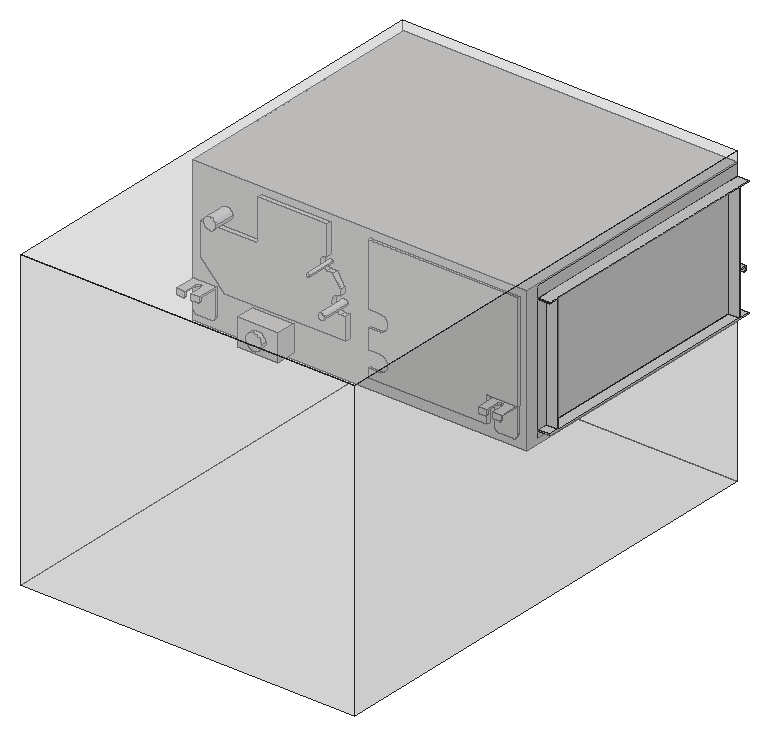
Revit family "outputfile", category 機械設備, Revit 2024
Family settings
  丸型コネクタ寸法 = 半径を使用
  パーツ タイプ = 標準
  OmniClass 番号 = 23.75.10.24.21.27.27
  OmniClass タイトル = Split System Air Conditioning Units
  作業面ベース = いいえ
  常に垂直 = はい
  ロード時にボイドで切り取り = いいえ
  注釈の向きを維持 = いいえ
  共有 = いいえ
  部屋計算ポイント = はい
Parameters (values of type "FXMQ25PAV4")
  Description = ""
  製造元 = "Daikin"
  書き出し IFC クラス(タイプ) = "IfcUnitaryEquipmentType"
  定義済み IFC タイプ(タイプ) = "AIRCONDITIONINGUNIT"
  Cost = 0
  モデル = "FXMQ25PAV4"
  Type Comments = ""
  Keynote = ""
  Type Image = (empty or 0)
  Assembly Code = ""
  r_Liquid Pipe Size = Liquid Pipe Size / 2  # 3.2 mm
  r_Gas Pipe Size = Gas Pipe Size / 2  # 6.35 mm
  r_Drain Pipe Size = Drain Pipe Size / 2  # 12.5 mm
  lw_power = 396.0 mm  # constant formula
  lh_SA = 165.0 mm  # constant formula
  lw_SA = if(Depth = 550.0 mm, 210.0 mm, if(Depth = 700.0 mm, 285.0 mm, if(Depth = 1000.0 mm, 435.0 mm, 635.0 mm)))  # 210.0 mm
  lw_RA = if(Depth = 550.0 mm, 288.0 mm, if(Depth = 700.0 mm, 363.0 mm, if(Depth = 1000.0 mm, 513.0 mm, 713.0 mm)))  # 288.0 mm
  lh_power = 60.0 mm + [h***]  # 60.0 mm
  lh_mountinghole1 = lh_mountinghole + [h***]  # 80.0 mm
  lh_RA = 150.0 mm  # constant formula
  ld_power = Depth / 2  # 275.0 mm
  Voltage_comment_60Hz = "220"
  Voltage_comment_50Hz = "220-240"
  Voltage_60Hz = 220 V
  Voltage_50Hz = 220 V
  URL = ""
  Supply Air Direction [instance] = yes
  Sound Power Level_H speed (dB) = 51
  Phase_60Hz = 1
  Phase_50Hz = 1
  Minimum External Static Pressure = 50.00 Pa
  Minimum Circuit Amps_60Hz = 0.6 A
  Minimum Circuit Amps_50Hz = 0.6 A
  Maximum Fuse Amps_60Hz = 16.0 A
  Maximum Fuse Amps_50Hz = 16.0 A
  Maximum External Static Pressure = 100.00 Pa
  Material_Casing = DAIKIN_GalvanizedSteel_Casing_indoorunit
  lw_mountinghole = 631.0 mm  # constant formula
  lh_gaspipe = 144.0 mm + [h***]  # 144.0 mm
  lh_mountinghole = 80.0 mm  # constant formula
  lh_liquidpipe = 212.0 mm + [h***]  # 212.0 mm
  lh_drainpipe = 232.0 mm + [h***]  # 232.0 mm
  lh_antena = Height - lh_mountinghole + 1.0 mm  # 221.0 mm
  ld_drainpipe = Depth / 2 + 54.0 mm  # 329.0 mm
  ld_liquidpipe = 335.0 mm
  ld_gaspipe = 335.0 mm
  ld_mountinghole = Depth + 38.0 mm  # 588.0 mm
  h*** = 0.0 mm  # constant formula
  lw_liquidpipe = 290.0 mm  # constant formula
  lw_gaspipe = 318.0 mm  # constant formula
  lw_drainpipe = 80.0 mm  # constant formula
  Width = 700.0 mm
  Version = "ver.1.0"
  Unit Type = "Middle-High Static Pressure Duct Type"
  Unit Mass Weight = 25.00 kg
  Unit Designation [instance] = ""
  Uniclass2015Version = "Products v1.30"
  Uniclass2015Title = "Variable refrigerant flow units"
  Uniclass2015Code = "Pr_70_65_03_94"
  Total Heating Capacity [instance] = 0.000 kW
  Total Cooling Capacity [instance] = 0.000 kW
  Sound Pressure Level_M speed (dBA) = 0
  Sound Pressure Level_L speed (dBA) = 28
  Sound Pressure Level_H speed (dBA) = 33
  Series = "VRV Fan Coil Unit"
  Sensible Cooling Capacity [instance] = 0.000 kW
  SA Duct Size Width = if(Depth = 550.0 mm, 310.0 mm, if(Depth = 700.0 mm, 460.0 mm, if(Depth = 1000.0 mm, 760.0 mm, 1160.0 mm)))  # 310.0 mm
  SA Duct Size Height = 215.0 mm
  Refrigerant Type = "R410A"
  RA Duct Size Width = if(Depth = 550.0 mm, 475.0 mm, if(Depth = 700.0 mm, 625.0 mm, if(Depth = 1000.0 mm, 925.0 mm, 1325.0 mm)))  # 475.0 mm
  RA Duct Size Height = 247.0 mm
  Power Input (Heating) = 0.069 kW
  Power Input (Cooling) = 0.081 kW
  Option Accessory 3 [instance] = ""
  Option Accessory 2 [instance] = ""
  Option Accessory 1 [instance] = ""
  Nominal Heating Capacity = 3.200 kW
  Nominal Cooling Capacity = 2.800 kW
  Minimum Airflow = 390.00 m³/h
  Median Airflow = 450.00 m³/h
  Maximum Airflow = 540.00 m³/h
  Load Classification = HVAC
  Liquid Pipe Size = 6.4 mm
  Link_Nested Family [instance] = ""
  IfcVersion = "0"
  IfcExportType = "AIRCONDITIONINGUNIT"
  IfcExportAs = "IfcUnitaryEquipmentType"
  Height = 300.0 mm
  Heating Entering Wet Bulb Temperature [instance] = 0.00 °C
  Heating Entering Dry Bulb Temperature [instance] = 0.00 °C
  Heating Ambient Wet Bulb Temperature [instance] = 0.00 °C
  Heating Ambient Dry Bulb Temperature [instance] = 0.00 °C
  Heat Exchanger Type = "Cross Fin Coil"
  Gas Pipe Size = 12.7 mm
  Frequency_60Hz = 60 Hz
  Frequency_50Hz = 50 Hz
  Fan Type = "Sirocco Fan"
  Fan Drive = "Direct Drive"
  FCU Tag No. [instance] = ""
  Drain Pipe Size = 25.0 mm
  Design Supply Airflow [instance] = 0.00 m³/h
  Design Return Airflow [instance] = 0.00 m³/h
  Design External Static Pressure [instance] = 0.00 Pa
  Depth = 550.0 mm
  既定の高さ = 0.0 mm
  Cooling Entering Wet Bulb Temperature [instance] = 0.00 °C
  Cooling Entering Dry Bulb Temperature [instance] = 0.00 °C
  Cooling Ambient Wet Bulb Temperature [instance] = 0.00 °C
  Cooling Ambient Dry Bulb Temperature [instance] = 0.00 °C
  Clearance visibility [instance] = yes
  Clearance Top = 20.0 mm
  Clearance Right = 0.0 mm
  Clearance Rear = 0.0 mm
  Clearance Left = 0.0 mm
  Clearance Front = 450.0 mm
  Clearance Bottom = 300.0 mm
Reference planes
  plane 1 "Center (Front/Back)": y = 0
  plane 2 "h": z = 0
  plane 3 "Center (Left/Right)": x = 0
  plane 4 "Back": y = 275
  plane 5 "Front": y = -275
  plane 6 "Left": x = -350
  plane 7 "Reight": x = 350
  plane 8 "Top": z = 0
  plane 9 "Bottom": z = -300
  plane 10: y = -215
  plane 11: y = 275
  plane 12: y = -725
  plane 13: x = -350
  plane 14: x = 350
  plane 15: z = 20
  plane 16: z = -600
  plane 17: x = -350
  plane 18: z = -135
  plane 19: x = -349
  plane 20: x = 349
  plane 21: y = 65
  plane 22: y = 13
  plane 23: z = -150
  plane 24: y = -285.8
  plane 25: z = -14
  plane 26: z = -219
  plane 27: x = -324
  plane 28: x = -60
  plane 29: x = -20
  plane 30: z = -156
  plane 31: x = -32
  plane 32: z = -88
  plane 33: x = 23
  plane 34: x = 335
  plane 35: z = -15.8
  plane 36: z = -274.8
  plane 37: z = -219.8
  plane 38: x = 271
  plane 39: x = -223.3
  plane 40: x = -138.3
  plane 41: z = -232.7
  plane 42: z = -288.5
  plane 43: y = -316
  plane 44: x = -181
  plane 45: z = -260
  plane 46: y = -326
  plane 47: z = -163.8
  plane 48: z = -239.8
  plane 49: x = 46
  plane 50: z = -88
  plane 51: x = -60
  plane 52: y = -335
  plane 53: z = -156
  plane 54: x = -32
  plane 55: y = -329
  plane 56: z = -68
  plane 57: x = -270
  plane 58: x = -270
  plane 59: x = -60
  plane 60: x = -32
  plane 61: x = 46
  plane 62: x = -323
  plane 63: x = 308
  plane 64: y = -294
  plane 65: y = 294
  plane 66: z = -220
  plane 67: y = -281
  plane 68: x = -204
  plane 69: z = -100.2
  plane 70: x = -374
  plane 71: x = 374
Forms (mm)
  Extrusion 1, solid, material "DAIKIN_GalvanizedSteel_Casing_indoorunit" <- "Material_Casing"
    sketch origin (0, 0, 0) x (1, 0, 0) y (0, 1, 0)
      loop
        line (-349, 275) -> (-349, -275) -> (349, -275) -> (349, 275) -> (-349, 275)
    from -300 to 0
  Extrusion 2, solid, material "DAIKIN_GalvanizedSteel_Casing_indoorunit" <- "Material_Casing"
    sketch origin (0, 0, 0) x (1, 0, 0) y (0, 0, 1)
      loop
        line (-324, -100.2) -> (-324, -168) -> (-273, -219) -> (-20, -219) -> (-20, -173.5) -> (-32, -173.5)
        arc (-32, -173.5) -> (-49.5, -156) -> (-32, -138.5) r 17.5
        line (-32, -138.5) -> (-32, -127.5) -> (-47, -101) -> (-60, -101)
        arc (-60, -101) -> (-73, -88) -> (-60, -75) r 13
        line (-60, -75) -> (-60, -14) -> (-204, -14) -> (-204, -100.2) -> (-324, -100.2)
    from 275 to 285.8
  Extrusion 3, solid, material "DAIKIN_GalvanizedSteel_Casing_indoorunit" <- "Material_Casing"
    sketch origin (0, 0, 0) x (1, 0, 0) y (0, 0, 1)
      loop
        line (23, -274.8) -> (271, -274.8) -> (271, -219.8) -> (335, -219.8) -> (335, -15.8) -> (23, -15.8) -> (23, -146.3) -> (46, -146.3)
        arc (46, -146.3) -> (63.5, -163.8) -> (46, -181.3) r 17.5
        line (46, -181.3) -> (23, -181.3) -> (23, -222.3) -> (46, -222.3)
        arc (46, -222.3) -> (63.5, -239.8) -> (46, -257.3) r 17.5
        line (46, -257.3) -> (23, -257.3) -> (23, -274.8)
    from 275 to 281
  Extrusion 4, solid, material "DAIKIN_GalvanizedSteel_Casing_indoorunit" <- "Material_Casing"
    sketch origin (0, 0, 0) x (1, 0, 0) y (0, 0, 1)
      loop
        line (-223.3, -232.7) -> (-223.3, -288.5) -> (-138.3, -288.5) -> (-138.3, -232.7) -> (-223.3, -232.7)
    from 275 to 316
  Extrusion 5, solid, material "DAIKIN_GalvanizedSteel_Casing_indoorunit" <- "Material_Casing"
    sketch origin (0, 0, 0) x (1, 0, 0) y (0, 0, 1)
      loop
        circle (-181, -260) r 16.5
    from 316 to 326
  Extrusion 6, solid
    sketch origin (0, 0, 0) x (1, 0, 0) y (0, 0, 1)
      loop
        circle (-60, -88) r 3.2
    from 275 to 335
  Extrusion 7, solid
    sketch origin (0, 0, 0) x (1, 0, 0) y (0, 0, 1)
      loop
        circle (-32, -156) r 6.35
    from 275 to 335
  Extrusion 8, solid
    sketch origin (0, 0, 0) x (1, 0, 0) y (0, 0, 1)
      loop
        circle (-270, -68) r 12.5
    from 285.8 to 329
Dimensions and locks
  "Height": plane 8 "Top" to plane 9 "Bottom"
  equal spacing: plane 4 "Back", plane 1 "Center (Front/Back)", plane 5 "Front"
  "Depth": plane 4 "Back" to plane 5 "Front"
  equal spacing: plane 6 "Left", plane 3 "Center (Left/Right)", plane 7 "Reight"
  "Width": plane 6 "Left" to plane 7 "Reight"
  "Clearance Left": plane 13 to plane 6 "Left"
  "Clearance Right": plane 7 "Reight" to plane 14
  "Clearance Rear": plane 11 to plane 4 "Back"
  "Clearance Front": plane 5 "Front" to plane 12
  "Clearance Top": plane 15 to plane 8 "Top"
  "Clearance Bottom": plane 9 "Bottom" to plane 16
  "lh_SA": plane 18 to plane 9 "Bottom"
  locked: plane 17 to plane 19 at 1
  locked: plane 20 to plane 14 at 1
  "lw_SA": plane 11 to plane 21
  "lw_RA": plane 22 to plane 5 "Front"
  "lh_RA": plane 23 to plane 9 "Bottom"
  locked: plane 5 "Front" to plane 24 at 10.8
  plane 29 to plane 28 to plane 27 to plane 6 "Left" = 40.0 mm, 264.0 mm, 26.0 mm
  locked: plane 31 to plane 6 "Left" at 318
  plane 34 to plane 33 to plane 6 "Left" = 312.0 mm locked, 373.0 mm locked
  locked: plane 34 to plane 38 at 64
  locked: plane 37 to plane 36 at 55
  plane 40 to plane 39 to plane 6 "Left" = 85.0 mm locked, 126.7 mm locked
  locked: plane 5 "Front" to plane 43 at 41
  locked: plane 44 to plane 6 "Left" at 169
  locked: plane 43 to plane 46 at 10
  plane 47 to plane 48 to plane 36 = 76.0 mm locked, 35.0 mm locked
  locked: plane 49 to plane 33 at 23
  "lw_liquidpipe": plane 51 to plane 6 "Left"
  "lh_liquidpipe": plane 50 to plane 9 "Bottom"
  "lh_gaspipe": plane 53 to plane 9 "Bottom"
  "lw_gaspipe": plane 54 to plane 6 "Left"
  "ld_gaspipe": plane 52 to plane 1 "Center (Front/Back)"
  "ld_drainpipe": plane 55 to plane 1 "Center (Front/Back)"
  "lh_drainpipe": plane 56 to plane 9 "Bottom"
  "lw_drainpipe": plane 57 to plane 6 "Left"
  "lw_drainpipe": plane 6 "Left" to plane 58
  "lw_liquidpipe": plane 6 "Left" to plane 59
  "lw_gaspipe": plane 6 "Left" to plane 60
  "lw_power": plane 6 "Left" to plane 61
  plane 17 to plane 62 = 27.0 mm
  "lw_mountinghole": plane 62 to plane 63
  equal spacing: plane 64, plane 1 "Center (Front/Back)", plane 65
  "ld_mountinghole": plane 65 to plane 64
  "lh_mountinghole": plane 66 to plane 9 "Bottom"
  plane 8 "Top" to plane 41 to plane 42 = 232.7 mm locked, 55.8 mm locked
  locked: plane 8 "Top" to plane 45 at 260
  plane 8 "Top" to plane 25 to plane 26 = 14.0 mm locked, 205.0 mm locked
  plane 8 "Top" to plane 32 to plane 30 = 88.0 mm locked, 68.0 mm locked
  plane 8 "Top" to plane 35 to plane 36 = 15.8 mm locked, 259.0 mm locked
  locked: plane 5 "Front" to plane 67 at 6
  locked: plane 25 to plane 69 at 86.2
  locked: plane 27 to plane 68 at 120
  locked: plane 70 to plane 6 "Left" at 24
  locked: plane 14 to plane 71 at 24
  "r_Liquid Pipe Size": radius of Extrusion 6 sketch curve
  "r_Gas Pipe Size": radius of Extrusion 7 sketch curve
  "r_Drain Pipe Size": radius of Extrusion 8 sketch curve
  aligned and locked: level to plane 2 "h"
  aligned and locked: plane 8 "Top" to Extrusion 1
  aligned and locked: Extrusion 1 to plane 9 "Bottom"
  aligned and locked: nested 5 to plane 12
  aligned and locked: plane 13 to nested 5
  aligned and locked: plane 14 to nested 5
  aligned and locked: nested 5 to plane 13
  aligned and locked: plane 11 to nested 5
  aligned and locked: plane 15 to nested 5
  aligned and locked: plane 16 to nested 5
  aligned and locked: plane 5 "Front" to Extrusion 1 sketch curve
  aligned and locked: Extrusion 1 to plane 19
  aligned and locked: plane 20 to Extrusion 1
  aligned and locked: nested 7 to plane 19
  aligned and locked: nested 7 to plane 21
  aligned and locked: plane 18 to nested 7
  aligned and locked: plane 20 to nested 8
  aligned and locked: plane 22 to nested 8
  aligned and locked: plane 23 to nested 8
  aligned and locked: Extrusion 2 to plane 24
  aligned and locked: plane 5 "Front" to Extrusion 2
  aligned and locked: plane 36 to Extrusion 3 sketch curve
  aligned and locked: plane 38 to Extrusion 3 sketch curve
  aligned and locked: plane 37 to Extrusion 3 sketch curve
  aligned and locked: Extrusion 3 sketch curve to plane 34
  aligned and locked: Extrusion 3 sketch curve to plane 35
  aligned and locked: Extrusion 3 sketch curve to plane 33
  aligned and locked: plane 5 "Front" to Extrusion 3
  aligned and locked: Extrusion 4 sketch curve to plane 41
  aligned and locked: Extrusion 4 sketch curve to plane 39
  aligned and locked: plane 42 to Extrusion 4 sketch curve
  aligned and locked: plane 40 to Extrusion 4 sketch curve
  aligned and locked: Extrusion 4 to plane 43
  aligned and locked: plane 5 "Front" to Extrusion 4
  aligned and locked: Extrusion 5 sketch curve to plane 44
  aligned and locked: plane 45 to Extrusion 5 sketch curve
  aligned and locked: Extrusion 5 to plane 46
  aligned and locked: plane 43 to Extrusion 5
  aligned and locked: Extrusion 6 sketch curve to plane 51
  aligned and locked: plane 50 to Extrusion 6 sketch curve
  aligned and locked: Extrusion 6 to plane 52
  aligned and locked: plane 5 "Front" to Extrusion 6
  aligned and locked: Extrusion 7 sketch curve to plane 54
  aligned and locked: plane 53 to Extrusion 7 sketch curve
  aligned and locked: Extrusion 7 to Extrusion 6
  aligned and locked: plane 5 "Front" to Extrusion 7
  aligned and locked: Extrusion 8 sketch curve to plane 57
  aligned and locked: plane 56 to Extrusion 8 sketch curve
  aligned and locked: Extrusion 8 to plane 55
  aligned and locked: plane 24 to Extrusion 8
  aligned and locked: nested 3 to plane 55
  aligned and locked: plane 58 to nested 3
  aligned and locked: nested 2 to plane 59
  aligned and locked: nested 2 to plane 52
  aligned and locked: nested 1 to plane 60
  aligned and locked: Extrusion 7 to plane 52
  aligned and locked: nested 1 to plane 52
  aligned and locked: nested 6 to plane 5 "Front"
  aligned and locked: plane 61 to nested 6
  aligned and locked: plane 62 to nested 10
  aligned and locked: nested 10 to plane 5 "Front"
  aligned and locked: plane 63 to nested 9
  aligned and locked: nested 9 to plane 5 "Front"
  aligned and locked: nested 11 to plane 62
  aligned and locked: plane 4 "Back" to nested 11
  aligned and locked: nested 12 to plane 63
  aligned and locked: plane 4 "Back" to nested 12
  aligned and locked: plane 66 to nested 10
  aligned and locked: plane 66 to nested 11
  aligned and locked: plane 66 to nested 9
  aligned and locked: plane 66 to nested 12
  aligned and locked: plane 62 to nested 14
  aligned and locked: nested 14 to plane 65
  aligned and locked: plane 63 to nested 13
  aligned and locked: nested 13 to plane 65
  aligned and locked: plane 63 to nested 16
  aligned and locked: plane 64 to nested 16
  aligned and locked: plane 64 to nested 15
  aligned and locked: plane 62 to nested 15
  aligned and locked: Extrusion 3 to plane 67
  aligned and locked: Extrusion 2 sketch curve to plane 68
  aligned and locked: plane 69 to Extrusion 2 sketch curve
  aligned and locked: nested 17 to plane 21
  aligned and locked: nested 17 to plane 70
  aligned and locked: plane 18 to nested 17
  aligned and locked: plane 22 to nested 18
  aligned and locked: plane 71 to nested 18
  aligned and locked: nested 18 to plane 23
  aligned and locked: nested 4 to plane 3 "Center (Left/Right)"
  aligned and locked: plane 1 "Center (Front/Back)" to nested 4
  aligned and locked: level to plane 8 "Top"
Automatic sketch dimensions
  plane 6 "Left" to Extrusion 1 sketch curve = 1.0 mm
  Extrusion 1 sketch curve to plane 7 "Reight" = 1.0 mm
  Extrusion 1 sketch curve to plane 4 "Back" = 0.0 mm
  Extrusion 3 sketch curve to plane 33 = 0.0 mm  (x2)
  Extrusion 3 sketch curve to plane 47 = 0.0 mm
  Extrusion 3 sketch curve to plane 49 = 0.0 mm  (x4)
  Extrusion 3 sketch curve to plane 48 = 0.0 mm
  Extrusion 3 sketch curve to plane 37 = 2.5 mm
  plane 23 to Extrusion 3 sketch curve = 3.7 mm
  plane 27 to Extrusion 2 sketch curve = 0.0 mm
  Extrusion 2 sketch curve to plane 26 = 0.0 mm
  Extrusion 2 sketch curve to plane 28 = 0.0 mm
  Extrusion 2 sketch curve to plane 31 = 0.0 mm
  Extrusion 2 sketch curve to plane 29 = 0.0 mm
  Extrusion 2 sketch curve to plane 30 = 0.0 mm
  Extrusion 2 sketch curve to plane 32 = 0.0 mm
  Extrusion 2 sketch curve to plane 25 = 0.0 mm
  Extrusion 2 sketch curve to Extrusion 2 sketch curve = 13.0 mm
  Extrusion 2 sketch curve to Extrusion 2 sketch curve = 17.5 mm
  plane 18 to Extrusion 2 sketch curve = 7.5 mm
  Extrusion 2 sketch curve to plane 58 = 3.0 mm
  Extrusion 2 sketch curve to plane 30 = 12.0 mm
  Extrusion 2 sketch curve to Extrusion 2 sketch curve = 0.8 mm
  radius of Extrusion 5 sketch curve = 16.5 mm
Nested families
  nested 1: "daikin_connector_rotate2" at (-32, 0, -156), length <- "ld_gaspipe", built-in parameter 1001364 <- "lh_gaspipe", radius <- "r_Gas Pipe Size", type "daikin_connector_rotate2"
    with radius 6.35 mm, length 335.0 mm, angle_vertical 90.00°
  nested 2: "daikin_connector_rotate2" at (-60, 0, -88), length <- "ld_liquidpipe", built-in parameter 1001364 <- "lh_liquidpipe", radius <- "r_Liquid Pipe Size", type "daikin_connector_rotate2"
    with radius 3.2 mm, length 335.0 mm, angle_vertical 90.00°
  nested 3: "daikin_connector_rotate2" at (-270, 0, -68), length <- "ld_drainpipe", built-in parameter 1001364 <- "lh_drainpipe", radius <- "r_Drain Pipe Size", type "daikin_connector_rotate2"
    with radius 12.5 mm, length 329.0 mm, angle_vertical 90.00°
  nested 4: "daikin_△_symbolicline" at (0, 0, 300) x (0, -1, 0) z (0, 0, 1), built-in parameter 1001364 <- "Height", visible <- "Supply Air Direction", type "daikin_△_symbolicline"
    with length 200.0 mm
  nested 5: "daikin_clearancespace" at (0, -225, -289.881), visible <- "Clearance visibility", show <- "Clearance visibility", Link_Nested Family <- "Link_Nested Family", type "daikin_clearancespace"
    with width 700.0 mm, show yes, height 620.0 mm, depth 1000.0 mm, Link_Nested Family ""
  nested 6: "daikin_connector_rotate2" at (46, 0, -240), built-in parameter 1001364 <- "lh_power", length <- "ld_power", type "daikin_connector_rotate2"
    with radius 10.0 mm, length 275.0 mm, angle_vertical 90.00°
  nested 7: "daikin_ductflange_FXMQ-PAV4_2" at (-349, 65, -135) x (0, -1, 0) z (0, 0, 1), type "daikin_ductflange_FXMQ-PAV4_2"
  nested 8: "daikin_ductflange_FXMQ-PAV4_1" at (349, 13, -150) x (0, 1, 0) z (0, 0, 1), type "daikin_ductflange_FXMQ-PAV4_1"
  nested 9: "daikin_hangerfixture_FXMQ-PAV4" at (308, -275, -220), type "daikin_hangerfixture_FXMQ-PAV4"
  nested 10: "daikin_hangerfixture_FXMQ-PAV4" at (-323, -275, -220), type "daikin_hangerfixture_FXMQ-PAV4"
  nested 11: "daikin_hangerfixture_FXMQ-PAV4" at (-323, 275, -220) x (-1, 0, 0) z (0, 0, 1), type "daikin_hangerfixture_FXMQ-PAV4"
  nested 12: "daikin_hangerfixture_FXMQ-PAV4" at (308, 275, -220) x (-1, 0, 0) z (0, 0, 1), type "daikin_hangerfixture_FXMQ-PAV4"
  nested 13: "daikin_mountinghole" at (308, 294, -300), h_mountinghole <- "lh_mountinghole1", l_antenna <- "lh_antena", Link_Nested Family <- "Link_Nested Family", type "daikin_mountinghole"
    with show yes, l_antenna 221.0 mm, h_mountinghole 80.0 mm, Link_Nested Family ""
  nested 14: "daikin_mountinghole" at (-323, 294, -300), h_mountinghole <- "lh_mountinghole1", l_antenna <- "lh_antena", Link_Nested Family <- "Link_Nested Family", type "daikin_mountinghole"
    with show yes, l_antenna 221.0 mm, h_mountinghole 80.0 mm, Link_Nested Family ""
  nested 15: "daikin_mountinghole" at (-323, -294, -300), h_mountinghole <- "lh_mountinghole1", l_antenna <- "lh_antena", Link_Nested Family <- "Link_Nested Family", type "daikin_mountinghole"
    with show yes, l_antenna 221.0 mm, h_mountinghole 80.0 mm, Link_Nested Family ""
  nested 16: "daikin_mountinghole" at (308, -294, -300), h_mountinghole <- "lh_mountinghole1", l_antenna <- "lh_antena", Link_Nested Family <- "Link_Nested Family", type "daikin_mountinghole"
    with show yes, l_antenna 221.0 mm, h_mountinghole 80.0 mm, Link_Nested Family ""
  nested 17: "daikin_connector_rotate2" at (-350, 65, -135) x (0, -1, 0) z (0, 0, 1), type "daikin_connector_rotate2"
    with radius 10.0 mm, length 24.0 mm, angle_vertical 90.00°
  nested 18: "daikin_connector_rotate2" at (350, 13, -150) x (0, 1, 0) z (0, 0, 1), type "daikin_connector_rotate2"
    with radius 10.0 mm, length 24.0 mm, angle_vertical 90.00°
Connectors
  piping at (-270, -329, -68), diameter 25, driven by "r_Drain Pipe Size"
    settings: on nested 3, index 3, connector inside diameter 609.6 mm, connector length 0.0 mm, flow factor 0, pipe flow 0.00 m³/h, pressure drop 0.0 Pa, fitting loss kfactor 0, connector angle 0.00°, fixture units 0, engagement length 0.0 mm, angle of deflection 0.00°, flow configuration 1, flow direction 2, fitting loss method 4, system type 16, joint type 0, gender type 0, connector reference index -1, connector utility 0, adjustable connector no, is connector primary yes, connector description "Condensate Drain Piping"
  piping at (-32, -335, -156), diameter 12.7, driven by "r_Gas Pipe Size"
    settings: on nested 1, index 4, connector inside diameter 609.6 mm, connector length 0.0 mm, flow factor 0, pipe flow 0.00 m³/h, pressure drop 0.0 Pa, fitting loss kfactor 0, connector angle 0.00°, fixture units 0, engagement length 0.0 mm, angle of deflection 0.00°, flow configuration 1, flow direction 2, fitting loss method 0, system type 29, joint type 0, gender type 0, connector reference index -1, connector utility 0, adjustable connector no, is connector primary no, connector description "Refrigerant Gas Piping"
  piping at (-60, -335, -88), diameter 6.4, driven by "r_Liquid Pipe Size"
    settings: on nested 2, index 5, connector inside diameter 609.6 mm, connector length 0.0 mm, flow factor 0, pipe flow 0.00 m³/h, pressure drop 0.0 Pa, fitting loss kfactor 0, connector angle 0.00°, fixture units 0, engagement length 0.0 mm, angle of deflection 0.00°, flow configuration 1, flow direction 1, fitting loss method 0, system type 29, joint type 0, gender type 0, connector reference index -1, connector utility 0, adjustable connector no, is connector primary no, connector description "Refrigerant Liquid Piping"
  electrical at (46, -275, -240), driven by "Load Classification"
    settings: on nested 6, index 6, voltage 0 V, apparent load 0 VA, apparent load phase1 0 VA, apparent load phase2 0 VA, apparent load phase3 0 VA, power factor 1, load classification "HVAC", number of poles 1, system type 30, power factor state 1, is connector primary yes, connector utility no, sub classification motor no, connector description "Power Supply"
  hvac at (-374, 65, -135), driven by "SA Duct Size Height", driven by "SA Duct Size Width"
    settings: on nested 17, index 7, duct flow 0.00 m³/h, flow factor 0, pres drop 0.00 Pa, loss coef 0, conn angle 0.00°, conn width 310.0 mm, conn height 215.0 mm, conn diameter 609.6 mm, duct sys type 1, conn prof type 1, flow config 0, flow direction 2, loss method 4, conn ref index -1, conn util no, is conn primary yes, conn desc "SA Duct"
  hvac at (374, 13, -150), driven by "RA Duct Size Height", driven by "RA Duct Size Width"
    settings: on nested 18, index 8, duct flow 0.00 m³/h, flow factor 0, pres drop 0.00 Pa, loss coef 0, conn angle 0.00°, conn width 475.0 mm, conn height 247.0 mm, conn diameter 609.6 mm, duct sys type 2, conn prof type 1, flow config 0, flow direction 1, loss method 4, conn ref index -1, conn util no, is conn primary no, conn desc "RA Duct"
Definition of nested family "daikin_clearancespace"
  Parameters (values of type "daikin_clearancespace")
    width [instance] = 1823.963 mm
    show [instance] = yes
    material = none
    height [instance] = 1359.762 mm
    depth [instance] = 880.0 mm
    Default Elevation = 0.0 mm
    Link_Nested Family [instance] = ""
  Reference planes
    plane 1 "Center (Front/Back)": y = 0
    plane 2 "Center (Elevation)": z = -0.119
    plane 3 "Center (Left/Right)": x = 0
    plane 4: y = 440
    plane 5: y = -440
    plane 6 "Right": x = 911.982
    plane 7 "Left": x = -911.982
    plane 8 "Top": z = 679.762
    plane 9 "Bottom": z = -680
  Forms (mm)
    Extrusion 1, solid, material <- "material", visible <- "show"
      sketch origin (0, 0, 0) x (1, 0, 0) y (0, 1, 0)
        loop
          line (-911.982, 440) -> (-911.982, -440) -> (911.982, -440) -> (911.982, 440) -> (-911.982, 440)
      from -680 to 679.762
  Lines and regions (mm)
    symbolic lines, visible <- "show"
      curve 1: line (911.982, 440, 0) -> (-911.982, 440, 0)
      curve 2: line (-911.982, 440, 0) -> (-911.982, -440, 0)
      curve 3: line (-911.982, -440, 0) -> (911.982, -440, 0)
      curve 4: line (911.982, -440, 0) -> (911.982, 440, 0)
      curve 5: line (911.982, 0, 679.762) -> (-911.982, 0, 679.762)
      curve 6: line (911.982, 0, -680) -> (911.982, 0, 679.762)
      curve 7: line (-911.982, 0, -680) -> (911.982, 0, -680)
      curve 8: line (-911.982, 0, 679.762) -> (-911.982, 0, -680)
      curve 9: line (0, 440, 679.762) -> (0, -440, 679.762)
      curve 10: line (0, -440, 679.762) -> (0, -440, -680)
      curve 11: line (0, 440, -680) -> (0, 440, 679.762)
      curve 12: line (0, -440, -680) -> (0, 440, -680)
  Dimensions and locks
    "width": plane 7 "Left" to plane 6 "Right"
    "depth": plane 4 to plane 5
    "height": plane 8 "Top" to plane 9 "Bottom"
    equal spacing: plane 7 "Left", plane 3 "Center (Left/Right)", plane 6 "Right"
    equal spacing: plane 4, plane 1 "Center (Front/Back)", plane 5
    equal spacing: plane 8 "Top", plane 2 "Center (Elevation)", plane 9 "Bottom"
    aligned and locked: level to plane 2 "Center (Elevation)"
    aligned and locked: Extrusion 1 sketch curve to plane 4
    aligned and locked: plane 7 "Left" to Extrusion 1 sketch curve
    aligned and locked: Extrusion 1 sketch curve to plane 5
    aligned and locked: Extrusion 1 sketch curve to plane 6 "Right"
    aligned and locked: plane 8 "Top" to Extrusion 1
    aligned and locked: curve 1 to Extrusion 1
    aligned and locked: curve 2 to Extrusion 1
    aligned and locked: curve 3 to Extrusion 1
    aligned and locked: curve 4 to Extrusion 1
    aligned and locked: curve 5 to Extrusion 1
    aligned and locked: curve 6 to Extrusion 1
    aligned and locked: curve 7 to Extrusion 1
    aligned and locked: curve 8 to Extrusion 1
    aligned and locked: curve 9 to Extrusion 1
    aligned and locked: curve 10 to Extrusion 1
    aligned and locked: curve 11 to Extrusion 1
    aligned and locked: curve 12 to Extrusion 1
    aligned and locked: Extrusion 1 to plane 9 "Bottom"
Definition of nested family "daikin_ductflange_FXMQ-PAV4_2"
  Parameters (values of type "daikin_ductflange_FXDSQ-AVM2")
    width = if(w = 550.0 mm, 310.0 mm, if(w = 700.0 mm, 460.0 mm, if(w = 1000.0 mm, 760.0 mm, 1160.0 mm)))  # 310.0 mm
    material = none
    height = 215.0 mm
    depth = 1.0 mm
    w = 550.0 mm
    Default Elevation = 0.0 mm
  Reference planes
    plane 1 "Center (Front/Back)": y = 0
    plane 2: z = 0
    plane 3 "Center (Left/Right)": x = 0
    plane 4: z = 107.5
    plane 5: z = -107.5
    plane 6: y = -25
    plane 7: z = 132.5
    plane 8: z = 108.5
    plane 9: y = -1
    plane 10: x = -177.5
    plane 11: x = 177.5
    plane 12: z = -132.5
    plane 13: z = -108.5
    plane 14: y = -1
    plane 15: x = 155
    plane 16: x = -155
    plane 17: x = 156
    plane 18: z = 106.5
    plane 19: z = -106.5
    plane 20: x = -156
    plane 21: z = 106.5
    plane 22: z = -106.5
    plane 23: y = -1
  Forms (mm)
    Extrusion 1, solid, material <- "material"
      sketch origin (0, 0, 0) x (0, 1, 0) y (0, 0, 1)
        loop
          line (-25, 107.5) -> (0, 107.5) -> (0, 132.5) -> (-1, 132.5) -> (-1, 108.5) -> (-25, 108.5) -> (-25, 107.5)
      from -177.5 to 177.5
    Extrusion 2, solid, material <- "material"
      sketch origin (0, 0, 0) x (0, 1, 0) y (0, 0, 1)
        loop
          line (-25, -107.5) -> (-25, -108.5) -> (-1, -108.5) -> (-1, -132.5) -> (0, -132.5) -> (0, -107.5) -> (-25, -107.5)
      from -177.5 to 177.5
    Extrusion 3, solid, material <- "material"
      sketch origin (0, 0, 0) x (1, 0, 0) y (0, 0, 1)
        loop
          line (155, 107.5) -> (155, -107.5) -> (177.5, -107.5) -> (177.5, -106.5) -> (156, -106.5) -> (156, 106.5) -> (177.5, 106.5) -> (177.5, 107.5) -> (155, 107.5)
      from 0 to 25
    Extrusion 4, solid, material <- "material"
      sketch origin (0, 0, 0) x (1, 0, 0) y (0, 0, 1)
        loop
          line (-177.5, 107.5) -> (-177.5, 106.5) -> (-156, 106.5) -> (-156, -106.5) -> (-177.5, -106.5) -> (-177.5, -107.5) -> (-155, -107.5) -> (-155, 107.5) -> (-177.5, 107.5)
      from 0 to 25
    Extrusion 5, solid, material <- "material"
      sketch origin (0, 0, 0) x (1, 0, 0) y (0, 0, 1)
        loop
          line (-177.5, 107.5) -> (-177.5, -107.5) -> (-155, -107.5) -> (-155, 107.5) -> (-177.5, 107.5)
        loop
          line (177.5, 107.5) -> (155, 107.5) -> (155, -107.5) -> (177.5, -107.5) -> (177.5, 107.5)
      from 0 to 1
  Cuts and joins
    joined: Extrusion 1, Extrusion 2, Extrusion 3, Extrusion 4, Extrusion 5
  Dimensions and locks
    plane 4 to level to plane 5 = 107.5 mm locked, 107.5 mm locked
    locked: plane 6 to plane 1 "Center (Front/Back)" at 25
    locked: plane 9 to plane 1 "Center (Front/Back)" at 1
    locked: plane 8 to plane 4 at 1
    locked: plane 11 to plane 15 at 22.5
    locked: plane 16 to plane 10 at 22.5
    locked: plane 17 to plane 15 at 1
    locked: plane 4 to plane 18 at 1
    locked: plane 19 to plane 5 at 1
    "width": plane 15 to plane 16
    plane 4 to plane 5 = 215.0 mm
    equal spacing: plane 15, plane 3 "Center (Left/Right)", plane 16
    locked: plane 16 to plane 20 at 1
    locked: plane 4 to plane 21 at 1
    locked: plane 22 to plane 5 at 1
    locked: plane 23 to plane 1 "Center (Front/Back)" at 1
    aligned and locked: level to plane 2
    aligned and locked: Extrusion 1 to plane 10
    aligned and locked: plane 11 to Extrusion 1
    aligned and locked: plane 5 to Extrusion 2
    aligned and locked: Extrusion 2 to plane 1 "Center (Front/Back)"
    aligned and locked: plane 15 to Extrusion 3 sketch curve
    aligned and locked: Extrusion 3 sketch curve to Extrusion 2  (x2)
    aligned and locked: Extrusion 3 sketch curve to plane 11
    aligned and locked: plane 6 to Extrusion 3
    aligned and locked: Extrusion 2 to plane 10
    aligned and locked: plane 11 to Extrusion 2
    aligned and locked: Extrusion 4 sketch curve to Extrusion 1  (x2)
    aligned and locked: plane 5 to Extrusion 4 sketch curve
    aligned and locked: Extrusion 4 sketch curve to plane 16
    aligned and locked: Extrusion 4 sketch curve to plane 22
    aligned and locked: plane 20 to Extrusion 4 sketch curve
    aligned and locked: plane 21 to Extrusion 4 sketch curve
    aligned and locked: Extrusion 4 to plane 1 "Center (Front/Back)"
    aligned and locked: plane 6 to Extrusion 4
    aligned and locked: Extrusion 5 sketch curve to Extrusion 1  (x4)
    aligned and locked: Extrusion 5 sketch curve to Extrusion 4  (x2)
    aligned and locked: Extrusion 5 sketch curve to Extrusion 3  (x2)
    aligned and locked: Extrusion 5 to plane 1 "Center (Front/Back)"
    aligned and locked: plane 23 to Extrusion 5
  Automatic sketch dimensions
    Extrusion 1 sketch curve to plane 6 = 0.0 mm
    Extrusion 1 sketch curve to plane 7 = 0.0 mm
    Extrusion 1 sketch curve to plane 9 = 0.0 mm
    Extrusion 1 sketch curve to plane 1 "Center (Front/Back)" = 0.0 mm
    Extrusion 1 sketch curve to plane 4 = 0.0 mm
    Extrusion 1 sketch curve to plane 8 = 0.0 mm
    Extrusion 2 sketch curve to plane 6 = 0.0 mm
    plane 12 to Extrusion 2 sketch curve = 0.0 mm
    Extrusion 2 sketch curve to plane 14 = 0.0 mm
    Extrusion 2 sketch curve to plane 1 "Center (Front/Back)" = 0.0 mm
    plane 13 to Extrusion 2 sketch curve = 0.0 mm
    Extrusion 2 sketch curve to plane 5 = 0.0 mm
    Extrusion 3 sketch curve to plane 17 = 0.0 mm
    Extrusion 3 sketch curve to plane 19 = 0.0 mm
    Extrusion 3 sketch curve to plane 18 = 0.0 mm
    Extrusion 3 sketch curve to plane 4 = 0.0 mm
    Extrusion 4 sketch curve to plane 10 = 0.0 mm
Definition of nested family "daikin_ductflange_FXMQ-PAV4_1"
  Parameters (values of type "daikin_ductflange_FXDSQ-AVM")
    width = if(w = 550.0 mm, 475.0 mm, if(w = 700.0 mm, 625.0 mm, if(w = 1000.0 mm, 925.0 mm, 1325.0 mm)))  # 475.0 mm
    material = none
    height = 247.0 mm
    depth = 1.0 mm
    w = 550.0 mm
    Default Elevation = 0.0 mm
  Reference planes
    plane 1 "Center (Front/Back)": y = 0
    plane 2: z = 0
    plane 3 "Center (Left/Right)": x = 0
    plane 4: z = 123.5
    plane 5: z = -123.5
    plane 6: y = -25
    plane 7: z = 146.5
    plane 8: z = 124.5
    plane 9: y = -1
    plane 10: x = -260
    plane 11: x = 260
    plane 12: z = -137
    plane 13: z = -124.5
    plane 14: y = -1
    plane 15: x = 237.5
    plane 16: x = -237.5
    plane 17: x = 238.5
    plane 18: z = 122.5
    plane 19: z = -122.5
    plane 20: x = -238.5
    plane 21: z = 122.5
    plane 22: z = -122.5
    plane 23: y = -1
  Forms (mm)
    Extrusion 1, solid, material <- "material"
      sketch origin (0, 0, 0) x (0, 1, 0) y (0, 0, 1)
        loop
          line (-25, 123.5) -> (0, 123.5) -> (0, 146.5) -> (-1, 146.5) -> (-1, 124.5) -> (-25, 124.5) -> (-25, 123.5)
      from -260 to 260
    Extrusion 2, solid, material <- "material"
      sketch origin (0, 0, 0) x (0, 1, 0) y (0, 0, 1)
        loop
          line (-25, -123.5) -> (-25, -124.5) -> (-1, -124.5) -> (-1, -137) -> (0, -137) -> (0, -123.5) -> (-25, -123.5)
      from -260 to 260
    Extrusion 3, solid, material <- "material"
      sketch origin (0, 0, 0) x (1, 0, 0) y (0, 0, 1)
        loop
          line (237.5, 123.5) -> (237.5, -123.5) -> (260, -123.5) -> (260, -122.5) -> (238.5, -122.5) -> (238.5, 122.5) -> (260, 122.5) -> (260, 123.5) -> (237.5, 123.5)
      from 0 to 25
    Extrusion 4, solid, material <- "material"
      sketch origin (0, 0, 0) x (1, 0, 0) y (0, 0, 1)
        loop
          line (-260, 123.5) -> (-260, 122.5) -> (-238.5, 122.5) -> (-238.5, -122.5) -> (-260, -122.5) -> (-260, -123.5) -> (-237.5, -123.5) -> (-237.5, 123.5) -> (-260, 123.5)
      from 0 to 25
    Extrusion 5, solid, material <- "material"
      sketch origin (0, 0, 0) x (1, 0, 0) y (0, 0, 1)
        loop
          line (-260, 123.5) -> (-260, -123.5) -> (-237.5, -123.5) -> (-237.5, 123.5) -> (-260, 123.5)
        loop
          line (260, 123.5) -> (237.5, 123.5) -> (237.5, -123.5) -> (260, -123.5) -> (260, 123.5)
      from 0 to 1
  Cuts and joins
    joined: Extrusion 1, Extrusion 2, Extrusion 3, Extrusion 4, Extrusion 5
  Dimensions and locks
    plane 4 to level to plane 5 = 123.5 mm, 123.5 mm
    locked: plane 6 to plane 1 "Center (Front/Back)" at 25
    locked: plane 9 to plane 1 "Center (Front/Back)" at 1
    locked: plane 8 to plane 4 at 1
    locked: plane 11 to plane 15 at 22.5
    locked: plane 16 to plane 10 at 22.5
    locked: plane 17 to plane 15 at 1
    locked: plane 4 to plane 18 at 1
    locked: plane 19 to plane 5 at 1
    "width": plane 15 to plane 16
    equal spacing: plane 15, plane 3 "Center (Left/Right)", plane 16
    locked: plane 16 to plane 20 at 1
    locked: plane 4 to plane 21 at 1
    locked: plane 22 to plane 5 at 1
    locked: plane 23 to plane 1 "Center (Front/Back)" at 1
    equal spacing: plane 4, level, plane 5
    locked: plane 7 to plane 4 at 23
    locked: plane 5 to plane 12 at 13.5
    locked: plane 1 "Center (Front/Back)" to plane 14 at 1
    locked: plane 5 to plane 13 at 1
    locked: plane 4 to plane 5 at 247
    aligned and locked: level to plane 2
    aligned and locked: Extrusion 1 to plane 10
    aligned and locked: plane 11 to Extrusion 1
    aligned and locked: plane 5 to Extrusion 2
    aligned and locked: Extrusion 2 to plane 1 "Center (Front/Back)"
    aligned and locked: plane 15 to Extrusion 3 sketch curve
    aligned and locked: Extrusion 3 sketch curve to Extrusion 2  (x2)
    aligned and locked: Extrusion 3 sketch curve to plane 11
    aligned and locked: plane 6 to Extrusion 3
    aligned and locked: Extrusion 2 to plane 10
    aligned and locked: plane 11 to Extrusion 2
    aligned and locked: Extrusion 4 sketch curve to Extrusion 1  (x2)
    aligned and locked: plane 5 to Extrusion 4 sketch curve
    aligned and locked: Extrusion 4 sketch curve to plane 16
    aligned and locked: Extrusion 4 sketch curve to plane 22
    aligned and locked: plane 20 to Extrusion 4 sketch curve
    aligned and locked: plane 21 to Extrusion 4 sketch curve
    aligned and locked: Extrusion 4 to plane 1 "Center (Front/Back)"
    aligned and locked: plane 6 to Extrusion 4
    aligned and locked: Extrusion 5 sketch curve to Extrusion 1  (x4)
    aligned and locked: Extrusion 5 sketch curve to Extrusion 4  (x2)
    aligned and locked: Extrusion 5 sketch curve to Extrusion 3  (x2)
    aligned and locked: Extrusion 5 to plane 1 "Center (Front/Back)"
    aligned and locked: plane 23 to Extrusion 5
  Automatic sketch dimensions
    Extrusion 1 sketch curve to plane 6 = 0.0 mm
    Extrusion 1 sketch curve to plane 7 = 0.0 mm
    Extrusion 1 sketch curve to plane 9 = 0.0 mm
    Extrusion 1 sketch curve to plane 1 "Center (Front/Back)" = 0.0 mm
    Extrusion 1 sketch curve to plane 4 = 0.0 mm
    Extrusion 1 sketch curve to plane 8 = 0.0 mm
    Extrusion 2 sketch curve to plane 6 = 0.0 mm
    plane 12 to Extrusion 2 sketch curve = 0.0 mm
    Extrusion 2 sketch curve to plane 14 = 0.0 mm
    Extrusion 2 sketch curve to plane 1 "Center (Front/Back)" = 0.0 mm
    plane 13 to Extrusion 2 sketch curve = 0.0 mm
    Extrusion 2 sketch curve to plane 5 = 0.0 mm
    Extrusion 3 sketch curve to plane 17 = 0.0 mm
    Extrusion 3 sketch curve to plane 19 = 0.0 mm
    Extrusion 3 sketch curve to plane 18 = 0.0 mm
    Extrusion 3 sketch curve to plane 4 = 0.0 mm
    Extrusion 4 sketch curve to plane 10 = 0.0 mm
Definition of nested family "daikin_hangerfixture_FXMQ-PAV4"
  Parameters (values of type "daikin_hangerfixture_FXMQ-PAVE")
    width = 48.0 mm
    material = none
    height = 65.0 mm
    depth = 45.0 mm
    Default Elevation = 0.0 mm
  Reference planes
    plane 1 "Center (Front/Back)": y = 0
    plane 2: z = 0
    plane 3 "Center (Left/Right)": x = 0
    plane 4: y = 417.146
    plane 5: y = -45
    plane 6: x = -24
    plane 7: x = 24
    plane 8: z = -2.3
    plane 9: z = -65
    plane 10: y = -2.3
    plane 11: z = -12
    plane 12: y = -42.7
  Forms (mm)
    Extrusion 1, solid, material <- "material"
      sketch origin (0, 0, 0) x (1, 0, 0) y (0, 1, 0)
        loop
          line (24, 0) -> (-24, 0) -> (-24, -45) -> (-6, -45) -> (-6, -19)
          arc (-6, -19) -> (0, -13) -> (6, -19) r 6
          line (6, -19) -> (6, -45) -> (24, -45) -> (24, 0)
      from 0 to -2.3
    Extrusion 2, solid, material <- "material"
      sketch origin (0, 0, 0) x (1, 0, 0) y (0, 0, 1)
        loop
          line (24, -55) -> (24, 0) -> (-24, 0) -> (-24, -55)
          arc (-24, -55) -> (-21.071, -62.071) -> (-14, -65) r 10
          line (-14, -65) -> (14, -65)
          arc (14, -65) -> (21.071, -62.071) -> (24, -55) r 10
      from 0 to 2.3
    Extrusion 3, solid, material <- "material"
      sketch origin (0, 0, 0) x (1, 0, 0) y (0, 0, 1)
        loop
          line (-6, -9) -> (-6, 0) -> (-24, 0) -> (-24, -9)
          arc (-24, -9) -> (-23.121, -11.121) -> (-21, -12) r 3
          line (-21, -12) -> (-9, -12)
          arc (-9, -12) -> (-6.879, -11.121) -> (-6, -9) r 3
        loop
          line (6, 0) -> (6, -9)
          arc (6, -9) -> (6.879, -11.121) -> (9, -12) r 3
          line (9, -12) -> (21, -12)
          arc (21, -12) -> (23.121, -11.121) -> (24, -9) r 3
          line (24, -9) -> (24, 0) -> (6, 0)
      from 42.7 to 45
  Cuts and joins
    joined: Extrusion 1, Extrusion 2, Extrusion 3
  Dimensions and locks
    "width": plane 6 to plane 7
    "depth": plane 5 to plane 1 "Center (Front/Back)"
    plane 2 to plane 8 = 2.3 mm
    "height": plane 2 to plane 9
    locked: plane 10 to plane 1 "Center (Front/Back)" at 2.3
    locked: plane 2 to plane 11 at 12
    locked: plane 12 to plane 5 at 2.3
    aligned and locked: level to plane 2
    aligned and locked: Extrusion 1 sketch curve to plane 1 "Center (Front/Back)"
    aligned and locked: plane 7 to Extrusion 1
    aligned and locked: Extrusion 1 to plane 6
    aligned and locked: Extrusion 1 to plane 5  (x2)
    aligned and locked: Extrusion 1 to plane 8
    aligned and locked: plane 2 to Extrusion 1
    aligned and locked: plane 2 to Extrusion 2 sketch curve
    aligned and locked: Extrusion 2 to plane 9
    aligned and locked: Extrusion 2 to plane 10
    aligned and locked: Extrusion 2 to plane 1 "Center (Front/Back)"
    aligned and locked: plane 2 to Extrusion 3 sketch curve  (x2)
    aligned and locked: Extrusion 3 to plane 11  (x2)
    aligned and locked: plane 12 to Extrusion 3
    aligned and locked: Extrusion 3 to plane 5
  Automatic sketch dimensions
    Extrusion 1 sketch curve to plane 6 = 0.0 mm
    Extrusion 1 sketch curve to plane 5 = 0.0 mm  (x2)
    Extrusion 1 sketch curve to plane 3 "Center (Left/Right)" = 0.0 mm
    Extrusion 1 sketch curve to plane 7 = 0.0 mm
    Extrusion 1 sketch curve to plane 3 "Center (Left/Right)" = 6.0 mm
    plane 1 "Center (Front/Back)" to Extrusion 1 sketch curve = 19.0 mm
    Extrusion 2 sketch curve to plane 7 = 0.0 mm
    Extrusion 2 sketch curve to plane 7 = 10.0 mm
    Extrusion 2 sketch curve to plane 8 = 52.7 mm
    plane 6 to Extrusion 2 sketch curve = 10.0 mm
    Extrusion 2 sketch curve to plane 6 = 0.0 mm
    Extrusion 3 sketch curve to plane 6 = 0.0 mm
    Extrusion 3 sketch curve to plane 7 = 0.0 mm
    Extrusion 3 sketch curve to Extrusion 3 sketch curve = 3.0 mm  (x2)
    Extrusion 3 sketch curve to plane 8 = 6.7 mm
    Extrusion 3 sketch curve to plane 3 "Center (Left/Right)" = 9.0 mm
    Extrusion 3 sketch curve to plane 3 "Center (Left/Right)" = 6.0 mm
    plane 3 "Center (Left/Right)" to Extrusion 3 sketch curve = 6.0 mm
    Extrusion 3 sketch curve to plane 7 = 3.0 mm
    Extrusion 3 sketch curve to plane 8 = 9.7 mm
Definition of nested family "daikin_connector_rotate2"
  Parameters (values of type "daikin_connector_rotate2")
    Default Elevation = 1219.2 mm
    show_face = no
    radius [instance] = 10.0 mm
    length [instance] = 600.0 mm
    d_surface = 10.0 mm
    angle_vertical [instance] = 90.00°
  Reference planes
    plane 1 "Center (Front/Back)": y = 0
    plane 2: z = 0
    plane 3 "Center (Left/Right)": x = 0
  Forms (mm)
    Extrusion 1, solid, visible <- "show_face"
      sketch origin (0, -600, 0) x (1, 0, 0) y (0, 0, 1)
        loop
          circle (0, 0) r 10
      from 0 to -10
  Lines and regions (mm)
    reference lines
      curve 1: line (0, 0, 0) -> (0, -600, 0)
    symbolic lines
      curve 2: circle (0, 0, 0) r 5 normal (0, 0, 1)
    model lines, visible <- "show_face"
      curve 3: line (0, 0, 0) -> (0, -600, 0)
  Dimensions and locks
    "length": curve 1 to curve 1
    "length": curve 3 to curve 3
    "d_surface": Extrusion 1 to Extrusion 1
    "radius": radius of Extrusion 1 sketch curve
    "angle_vertical": angle curve 1 to plane 1 "Center (Front/Back)"
    "angle_vertical": angle curve 3 to plane 1 "Center (Front/Back)"
    aligned and locked: level to plane 2
    aligned and locked: plane 1 "Center (Front/Back)" to curve 1
    aligned and locked: plane 2 to curve 1
    aligned and locked: plane 1 "Center (Front/Back)" to curve 2
    aligned and locked: plane 3 "Center (Left/Right)" to curve 2
    aligned and locked: plane 1 "Center (Front/Back)" to curve 3
    aligned and locked: plane 2 to curve 3
    aligned and locked: Extrusion 1 to Extrusion 1
  Automatic sketch dimensions
    Extrusion 1 sketch curve to level = 0.0 mm
    Extrusion 1 sketch curve to plane 3 "Center (Left/Right)" = 0.0 mm
    radius of curve 2 = 5.0 mm
Definition of nested family "daikin_△_symbolicline"
  Parameters (values of type "daikin_△_symbolicline")
    length [instance] = 200.0 mm
    Default Elevation = 0.0 mm
  Reference planes
    plane 1 "Center (Front/Back)": y = 0
    plane 2: z = 0
    plane 3 "Center (Left/Right)": x = 0
  Lines and regions (mm)
    symbolic lines
      curve 1: line (0, -173.205, 0) -> (100, 0, 0)
      curve 2: line (100, 0, 0) -> (-100, 0, 0)
      curve 3: line (-100, 0, 0) -> (0, -173.205, 0)
  Dimensions and locks
    equal spacing: curve 3, plane 3 "Center (Left/Right)", curve 2
    "length": curve 3 to curve 2
    "length": curve 3 to curve 3
    "length": curve 1 to curve 1
    aligned and locked: level to plane 2
    aligned and locked: curve 2 to plane 1 "Center (Front/Back)"
    aligned and locked: plane 3 "Center (Left/Right)" to curve 3
Definition of nested family "daikin_mountinghole"
  Parameters (values of type "daikin_mountinghole")
    Default Elevation = 1219.2 mm
    Type Comments = "mountinghole"
    show [instance] = yes
    material = none
    l_centerline = 100.0 mm
    l_antenna [instance] = 100.0 mm
    h_mountinghole [instance] = 0.0 mm
    d_circle = 30.0 mm
    Link_Nested Family [instance] = ""
  Reference planes
    plane 1 "Center (Front/Back)": y = 0
    plane 2: z = 0
    plane 3 "Center (Left/Right)": x = 0
    plane 4: y = 50
    plane 5: x = -50
    plane 6: x = 50
    plane 7: y = -50
    plane 8 "h_mountinghole": z = 0
    plane 9: z = 100
  Lines and regions (mm)
    model lines, detail levels fine
      curve 1: circle (0, 0, 0) r 15 normal (0, 0, 1)
      curve 2: line (-50, 0, 0) -> (50, 0, 0)
      curve 3: line (0, 50, 0) -> (0, -50, 0)
    symbolic lines, detail levels fine
      curve 4: circle (0, 0, 0) r 15 normal (0, 0, 1)
      curve 5: line (-50, 0, 0) -> (50, 0, 0)
      curve 6: line (0, 50, 0) -> (0, -50, 0)
    model lines
      curve 7: line (0, 0, 100) -> (0, 0, 0)
  Dimensions and locks
    equal spacing: plane 4, plane 1 "Center (Front/Back)", plane 7
    "l_centerline": plane 4 to plane 7
    equal spacing: plane 5, plane 3 "Center (Left/Right)", plane 6
    "l_centerline": plane 5 to plane 6
    "l_antenna": plane 9 to plane 8 "h_mountinghole"
    "h_mountinghole": plane 8 "h_mountinghole" to plane 2
    "d_circle": diameter of curve 1
    "d_circle": diameter of curve 4
    aligned and locked: level to plane 2
    aligned and locked: plane 1 "Center (Front/Back)" to curve 1
    aligned and locked: plane 3 "Center (Left/Right)" to curve 1
    aligned and locked: plane 1 "Center (Front/Back)" to curve 2
    aligned and locked: curve 3 to plane 3 "Center (Left/Right)"
    aligned and locked: plane 6 to curve 2
    aligned and locked: plane 5 to curve 2
    aligned and locked: plane 4 to curve 3
    aligned and locked: plane 7 to curve 3
    aligned and locked: plane 1 "Center (Front/Back)" to curve 4
    aligned and locked: plane 3 "Center (Left/Right)" to curve 4
    aligned and locked: plane 6 to curve 5
    aligned and locked: plane 5 to curve 5
    aligned and locked: plane 1 "Center (Front/Back)" to curve 5
    aligned and locked: plane 4 to curve 6
    aligned and locked: plane 7 to curve 6
    aligned and locked: curve 6 to plane 3 "Center (Left/Right)"
    aligned and locked: curve 7 to plane 3 "Center (Left/Right)"
    aligned and locked: plane 9 to curve 7
    aligned and locked: plane 8 "h_mountinghole" to curve 7
